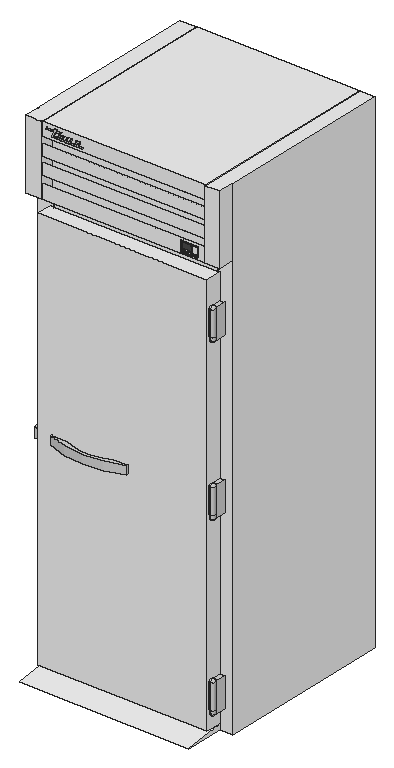
Revit family
Parameters
  Weight in Pounds = 0
  Watts = 2000 W
  Volts = 115 V
  URL Cutsheet = "www.truemfg.com"
  URL = "www.truemfg.com"
  Type Mark [instance] = ""
  Type Comments = ""
  Status [instance] = ""
  Specification by User [instance] = ""
  Specification by Manufacturer = ""
  Show Logo [instance] = yes
  Show Clearance [instance] = yes
  Serial Number = ""
  Seismic Rating = ""
  SMACNA No = ""
  Revision Code [instance] = ""
  Phase = 1
  Omniclass Number and Title = ""
  Number of Poles [instance] = 1
  NAFEM Spec ID Number = ""
  Model = "STR1HRI89-1S"
  Min Ckt Ampacity = 0 A
  Max Overcurrent Protection = 0 A
  Masterspec = ""
  Manufacturer = "TRUE FOOD SERVICE EQUIPMENT, INC."
  Length = 35"
  Item Number [instance] = ""
  Installed By [instance] = ""
  Identify Quantity as Lot [instance] = yes
  Height = 88 3/4"
  HP = ""
  Furnished By [instance] = ""
  Foodservice Equipment Identifier [instance] = yes
  FL Amps = Watts / Volts  # 17.3913 A
  Electrical Remarks [instance] = ""
  Electric Connection Type [instance] = ""
  Elec Conn RI Height [instance] = 0"
  Elec Conn Connection Height [instance] = 0"
  Description = "Reach-in Solid Swing Door Heated Cabinet"
  Depth = 34 3/4"
  Cycle = 60 Hz
  Conn Plug = "14-20P"
  Conn Conduit = yes
  CSI MasterFormat = ""
  CSI Master Format = ""
  Apparent Power = if(Phase = 3, Volts * FL Amps * 1.73, Volts * FL Amps)  # 2000 VA
Reference planes (in)
  plane 1 "BACK": y = 0
  plane 2: z = 0
  plane 3 "LEFT": x = 0
  plane 4 "RIGHT": x = 35
  plane 5 "FRONT": y = -34.75
  plane 6 "TOP": z = 88.75
  plane 7: x = 2.84375
  plane 8: y = -34.7042
  plane 9: x = 32.15625
  plane 10: z = 73.75
Forms (in)
  Extrusion 1, solid, material "QF_Finishes_Chrome - Satin"
    sketch origin (0.05, 0, 0) x (1, 0, 0) y (0, 1, 0)
      loop
        line (-0.05, 0) -> (-0.05, -32) -> (2.87859, -32) -> (2.87859, 0) -> (-0.05, 0)
    from 0 to 88.75
  Extrusion 2, solid, material "QF_Finishes_Chrome - Satin"
    sketch origin (50.15, 0, 0) x (1, 0, 0) y (0, 1, 0)
      loop
        line (-17.85, 0) -> (-17.85, -32) -> (-15.15, -32) -> (-15.15, 0) -> (-17.85, 0)
    from 0 to 88.75
  Extrusion 3, solid, material "QF_Finishes_Chrome - Satin"
    sketch origin (0, 0, 0) x (0, 1, 0) y (0, 0, 1)
      loop
        line (-34.7042, 76.28125) -> (-32, 76.28125) -> (-32, 0) -> (0, 0) -> (0, 88.75) -> (-34.7042, 88.75) -> (-34.7042, 86.40578) -> (-32.5, 84.83852) -> (-32.5, 83.71625) -> (-34.7042, 85.28351) -> (-34.7042, 83.1498) -> (-32.5, 81.58254) -> (-32.5, 80.62178) -> (-34.7042, 82.18904) -> (-34.7042, 80.09284) -> (-32.5, 78.52557) -> (-32.5, 77.25) -> (-34.7042, 78.81726) -> (-34.7042, 76.28125)
    from 2.92859 to 32.3
  Extrusion 4, solid, material "QF_Finishes_Chrome - Satin"
    sketch origin (0, 0, 0) x (1, 0, 0) y (0, 1, 0)
      loop
        line (34.84782, -32) -> (32.3, -32) -> (32.3, -34.75) -> (34.84782, -34.75) -> (34.84782, -32)
    from 76.28125 to 88.75
  Extrusion 5, solid, material "QF_Finishes_Chrome - Satin"
    sketch origin (-50.125, 0, 0.25) x (1, 0, 0) y (0, 1, 0)
      loop
        line (53.05359, -32) -> (50.24109, -32) -> (50.24109, -34.75) -> (53.05359, -34.75) -> (53.05359, -32)
    from 76.03125 to 88.5
  Extrusion 6, solid, material "QF_Finishes_Chrome - Satin"
    sketch origin (-24.96875, -1, -0.71875) x (1, 0, 0) y (0, 0, 1)
      loop
        line (27.25, 1.71875) -> (57.65625, 1.71875) -> (57.65625, 74.46875) -> (27.25, 74.46875) -> (27.25, 1.71875)
    from 31 to 33.75
  Extrusion 7, solid, material "QF_Finishes_Handrails and Railings"
    sketch origin (58.625, -0.25, 26.43519) x (1, 0, 0) y (0, 1, 0)
      loop
        line (-53.875, -34.5) -> (-53.875, -34.7)
        arc (-53.875, -34.7) -> (-47.075, -36.14405) -> (-40.275, -34.7) r 16.7325
        line (-40.275, -34.7) -> (-40.275, -34.5) -> (-42.675, -34.5)
        arc (-42.675, -34.5) -> (-47.075, -35.65816) -> (-51.475, -34.5) r 8.93715
        line (-51.475, -34.5) -> (-53.875, -34.5)
    from 10.87731 to 12.37731
  Extrusion 8, solid, material "QF_Finishes_Handrails and Railings"
    sketch origin (-23.375, 0, -2) x (1, 0, 0) y (0, 0, 1)
      loop
        circle (26.4375, 40.0625) r 0.35
      loop
        line (26.47265, 40.33635) -> (26.41715, 40.33635) -> (26.41715, 39.76895) -> (26.47265, 39.76895) -> (26.47265, 40.33635)
    from 33.5 to 33.83066
  Extrusion 9, solid, material "QF_Finishes_Handrails and Railings", visible <- "Show Logo"
    sketch origin (0.33478, 0.06376, 5.01857) x (1, 0, 0) y (0, 0, 1)
      loop
        line (3.46044, 83.08731) -> (3.35478, 82.86073) -> (4.76027, 82.86073)
        arc (4.76027, 82.86073) -> (4.78879, 82.81028) -> (4.76027, 82.75984) r 0.05887
        line (4.76027, 82.75984) -> (4.39369, 81.97372)
        arc (4.39369, 81.97372) -> (4.39051, 81.90091) -> (4.43975, 81.84717) r 0.09523
        line (4.43975, 81.84717) -> (5.33844, 81.84717)
        arc (5.33844, 81.84717) -> (5.45192, 81.88295) -> (5.52436, 81.97735) r 0.19785
        line (5.52436, 81.97735) -> (5.81285, 82.59601) -> (6.0779, 82.59601)
        arc (6.0779, 82.59601) -> (6.14744, 82.57043) -> (6.13737, 82.49703) r 0.05911
        line (6.13737, 82.49703) -> (5.89598, 81.97937)
        arc (5.89598, 81.97937) -> (5.89974, 81.8934) -> (5.97231, 81.84717) r 0.09318
        line (5.97231, 81.84717) -> (6.76198, 81.84717)
        arc (6.76198, 81.84717) -> (6.82249, 81.86919) -> (6.85468, 81.92495) r 0.09412
        arc (6.85468, 81.92495) -> (6.87746, 81.86995) -> (6.93246, 81.84717) r 0.07778
        line (6.93246, 81.84717) -> (7.43246, 81.84717)
        arc (7.43246, 81.84717) -> (7.49022, 81.86265) -> (7.53251, 81.90493) r 0.11552
        arc (7.53251, 81.90493) -> (7.55275, 81.85606) -> (7.60162, 81.83581) r 0.06912
        line (7.60162, 81.83581) -> (8.31225, 81.83581)
        arc (8.31225, 81.83581) -> (8.37034, 81.85988) -> (8.39441, 81.91797) r 0.08216
        arc (8.39441, 81.91797) -> (8.44767, 81.86472) -> (8.52042, 81.84522) r 0.14551
        line (8.52042, 81.84522) -> (9.85158, 81.84522) -> (9.99946, 82.10134) -> (8.65678, 82.10134)
        arc (8.65678, 82.10134) -> (8.61972, 82.12704) -> (8.61834, 82.17211) r 0.05009
        line (8.61834, 82.17211) -> (8.64157, 82.22192)
        arc (8.64157, 82.22192) -> (8.67723, 82.26864) -> (8.73327, 82.28635) r 0.09747
        line (8.73327, 82.28635) -> (9.16485, 82.28635)
        arc (9.16485, 82.28635) -> (9.258, 82.31131) -> (9.32619, 82.3795) r 0.1863
        line (9.32619, 82.3795) -> (9.45119, 82.59601)
        arc (9.45119, 82.59601) -> (9.45119, 82.71157) -> (9.35111, 82.76934) r 0.11556
        line (9.35111, 82.76934) -> (8.89562, 82.76934)
        arc (8.89562, 82.76934) -> (8.7795, 82.74962) -> (8.69849, 82.66412) r 0.18605
        line (8.69849, 82.66412) -> (8.48204, 82.19993)
        arc (8.48204, 82.19993) -> (8.41815, 82.11667) -> (8.31806, 82.08511) r 0.1745
        line (8.31806, 82.08511) -> (7.84559, 82.08511)
        arc (7.84559, 82.08511) -> (7.78903, 82.14684) -> (7.79268, 82.23048) r 0.10939
        line (7.79268, 82.23048) -> (8.04395, 82.76934) -> (7.88403, 82.76934) -> (7.61781, 82.19844)
        arc (7.61781, 82.19844) -> (7.56609, 82.13103) -> (7.48505, 82.10548) r 0.14128
        line (7.48505, 82.10548) -> (7.15925, 82.10548)
        arc (7.15925, 82.10548) -> (7.10419, 82.17723) -> (7.116, 82.26689) r 0.11816
        line (7.116, 82.26689) -> (7.3503, 82.76934) -> (7.18514, 82.76934) -> (6.91546, 82.191)
        arc (6.91546, 82.191) -> (6.85285, 82.12839) -> (6.76733, 82.10548) r 0.17104
        line (6.76733, 82.10548) -> (6.29555, 82.10548)
        arc (6.29555, 82.10548) -> (6.21082, 82.14499) -> (6.20267, 82.23813) r 0.0935
        line (6.20267, 82.23813) -> (6.35774, 82.57069) -> (6.57695, 82.57069)
        arc (6.57695, 82.57069) -> (6.61395, 82.68217) -> (6.69267, 82.76934) r 0.2857
        line (6.69267, 82.76934) -> (5.83605, 82.76934)
        arc (5.83605, 82.76934) -> (5.74086, 82.74824) -> (5.67498, 82.67635) r 0.16212
        line (5.67498, 82.67635) -> (5.44279, 82.17841)
        arc (5.44279, 82.17841) -> (5.3894, 82.12502) -> (5.31647, 82.10548) r 0.14586
        line (5.31647, 82.10548) -> (4.80506, 82.10548)
        arc (4.80506, 82.10548) -> (4.76514, 82.15942) -> (4.77274, 82.22609) r 0.09155
        line (4.77274, 82.22609) -> (5.11018, 82.86073) -> (5.96155, 82.86073) -> (6.06721, 83.08731) -> (5.21584, 83.08731) -> (5.32149, 83.31388) -> (5.01862, 83.31388) -> (4.91297, 83.08731) -> (3.46044, 83.08731)
      loop
        arc (8.83805, 82.56363) -> (8.80119, 82.55375) -> (8.7742, 82.52676) r 0.07373
        line (8.7742, 82.52676) -> (8.75229, 82.45936)
        arc (8.75229, 82.45936) -> (8.76245, 82.43483) -> (8.78699, 82.42466) r 0.0347
        line (8.78699, 82.42466) -> (9.15948, 82.42466)
        arc (9.15948, 82.42466) -> (9.18632, 82.43061) -> (9.20812, 82.44734) r 0.0635
        line (9.20812, 82.44734) -> (9.22624, 82.53122)
        arc (9.22624, 82.53122) -> (9.22091, 82.55368) -> (9.20009, 82.56363) r 0.02676
        line (9.20009, 82.56363) -> (8.83805, 82.56363)
    from 34.76797 to 34.83173
  Extrusion 10, solid, material "QF_Finishes_White"
    sketch origin (-22.74812, 0.0458, -7.98362) x (1, 0, 0) y (0, 0, 1)
      loop
        line (50.81732, 86.35727) -> (50.81732, 84.60996) -> (53.72357, 84.60996) -> (53.72357, 86.35727) -> (50.81732, 86.35727)
    from 34.75 to 34.76797
  Extrusion 11, solid, material "QF_Finishes_Black"
    sketch origin (-22.74812, 0.0458, -7.98362) x (1, 0, 0) y (0, 0, 1)
      loop
        line (53.78607, 86.41977) -> (50.75482, 86.41977) -> (50.75482, 84.54746) -> (53.78607, 84.54746) -> (53.78607, 86.41977)
      loop
        spline (50.95482, 84.87872) -> (50.96333, 84.86254) -> (50.98831, 84.84747) -> (51.02804, 84.83452) -> (51.07982, 84.82459) -> (51.14011, 84.81835) -> (51.20482, 84.81622) -> (51.26952, 84.81835) -> (51.32982, 84.82459) -> (51.38159, 84.83452) -> (51.42132, 84.84747) -> (51.4463, 84.86254) -> (51.45482, 84.87872)
        spline (51.45482, 84.87872) -> (51.4463, 84.89489) -> (51.42132, 84.90997) -> (51.38159, 84.92291) -> (51.32982, 84.93284) -> (51.26952, 84.93909) -> (51.20482, 84.94122) -> (51.14011, 84.93909) -> (51.07982, 84.93284) -> (51.02804, 84.92291) -> (50.98831, 84.90997) -> (50.96333, 84.89489) -> (50.95482, 84.87872)
      loop
        spline (51.65083, 84.87872) -> (51.65935, 84.86254) -> (51.68432, 84.84747) -> (51.72405, 84.83452) -> (51.77583, 84.82459) -> (51.83612, 84.81835) -> (51.90083, 84.81622) -> (51.96553, 84.81835) -> (52.02583, 84.82459) -> (52.07761, 84.83452) -> (52.11734, 84.84747) -> (52.14231, 84.86254) -> (52.15083, 84.87872)
        spline (52.15083, 84.87872) -> (52.14231, 84.89489) -> (52.11734, 84.90997) -> (52.07761, 84.92291) -> (52.02583, 84.93284) -> (51.96553, 84.93909) -> (51.90083, 84.94122) -> (51.83612, 84.93909) -> (51.77583, 84.93284) -> (51.72405, 84.92291) -> (51.68432, 84.90997) -> (51.65935, 84.89489) -> (51.65083, 84.87872)
      loop
        spline (52.40083, 84.87872) -> (52.40935, 84.86254) -> (52.43432, 84.84747) -> (52.47405, 84.83452) -> (52.52583, 84.82459) -> (52.58612, 84.81835) -> (52.65083, 84.81622) -> (52.71553, 84.81835) -> (52.77583, 84.82459) -> (52.82761, 84.83452) -> (52.86734, 84.84747) -> (52.89231, 84.86254) -> (52.90083, 84.87872)
        spline (52.90083, 84.87872) -> (52.89231, 84.89489) -> (52.86734, 84.90997) -> (52.82761, 84.92291) -> (52.77583, 84.93284) -> (52.71553, 84.93909) -> (52.65083, 84.94122) -> (52.58612, 84.93909) -> (52.52583, 84.93284) -> (52.47405, 84.92291) -> (52.43432, 84.90997) -> (52.40935, 84.89489) -> (52.40083, 84.87872)
      loop
        line (50.95481, 86.21978) -> (50.95481, 85.21978) -> (52.65433, 85.21978) -> (52.65433, 86.21978) -> (50.95481, 86.21978)
      loop
        line (53.72357, 86.35727) -> (50.81732, 86.35727) -> (50.81732, 84.60996) -> (53.72357, 84.60996) -> (53.72357, 86.35727)
      loop
        spline (53.15083, 84.87872) -> (53.15935, 84.86254) -> (53.18432, 84.84747) -> (53.22405, 84.83452) -> (53.27583, 84.82459) -> (53.33612, 84.81835) -> (53.40083, 84.81622) -> (53.46553, 84.81835) -> (53.52583, 84.82459) -> (53.57761, 84.83452) -> (53.61734, 84.84747) -> (53.64231, 84.86254) -> (53.65083, 84.87872)
        spline (53.65083, 84.87872) -> (53.64231, 84.89489) -> (53.61734, 84.90997) -> (53.57761, 84.92291) -> (53.52583, 84.93284) -> (53.46553, 84.93909) -> (53.40083, 84.94122) -> (53.33612, 84.93909) -> (53.27583, 84.93284) -> (53.22405, 84.92291) -> (53.18432, 84.90997) -> (53.15935, 84.89489) -> (53.15083, 84.87872)
    from 34.76797 to 34.80335
  Extrusion 12, solid
    sketch origin (-25.125, 0, 0) x (1, 0, 0) y (0, 0, 1)
      loop
        circle (56.875, 86.625) r 0.25
    from 0 to 0.0625
  Blend 13, solid, material "QF_Finishes_Handrails and Railings"
    base sketch origin (27.53125, -1, 0) x (-1, 0, 0) y (0, 0, -1)
      loop
        line (25.25, -38.99169) -> (26, -38.99169) -> (26, -37.24169) -> (25.25, -37.24169) -> (25.25, -38.99169)
    top sketch origin (27.53125, 0, 0) x (-1, 0, 0) y (0, 0, -1)
      loop
        line (26.18223, -36.6441) -> (25.25, -36.6441) -> (25.25, -39.42643) -> (26.18223, -39.42643) -> (26.18223, -36.6441)
    from 33.57883 to 32
  Extrusion 14, solid, material "QF_Finishes_Handrails and Railings"
    sketch origin (33.78125, 0, 0) x (0, 1, 0) y (0, 0, -1)
      loop
        line (-32, -69.17729) -> (-32, -63.86127) -> (-34.25, -63.86127) -> (-34.25, -64.57348) -> (-33.81497, -64.57348) -> (-33.81497, -68.97276)
        arc (-33.81497, -68.97276) -> (-33.75506, -69.11738) -> (-33.61044, -69.17729) r 0.20453
        line (-33.61044, -69.17729) -> (-32, -69.17729)
    from 0.17506 to 1
  Revolve 15, solid, material "QF_Finishes_Handrails and Railings"
    sketch origin (33.28125, 0, 0) x (0, 1, 0) y (0, 0, -1)
      loop
        line (-34.26563, -64.62689) -> (-34.67229, -64.62689) -> (-34.67229, -69.0986)
        arc (-34.67229, -69.0986) -> (-34.53722, -69.35057) -> (-34.26563, -69.43983) r 0.3848
        line (-34.26563, -69.43983) -> (-34.26563, -64.62689)
      loop
        line (-34.26563, -64.57348) -> (-34.26563, -63.67281)
        arc (-34.26563, -63.67281) -> (-34.53264, -63.75883) -> (-34.67229, -64.00212) r 0.38884
        line (-34.67229, -64.00212) -> (-34.67229, -64.57348) -> (-34.26563, -64.57348)
      axis (-34.26563, -63.67281) -> (-34.26563, -69.43983)
    angle from 0 to 360
  Extrusion 16, solid, material "QF_Finishes_Handrails and Railings"
    sketch origin (27.5, -1.07734, 0.0011) x (-1, 0, 0) y (0, 0, -1)
      loop
        line (-5.58509, -69.0986) -> (-5.1875, -69.0986) -> (-5.1875, -64.62579) -> (-5.58509, -64.62579) -> (-5.58509, -69.0986)
    from 32.81497 to 33.59495
  Extrusion 17, solid, material "QF_Finishes_Handrails and Railings"
    sketch origin (33.78125, 0, -24) x (0, 1, 0) y (0, 0, -1)
      loop
        line (-32, -64.55229) -> (-32, -59.23627) -> (-34.25, -59.23627) -> (-34.25, -59.94848) -> (-33.81497, -59.94848) -> (-33.81497, -64.34776)
        arc (-33.81497, -64.34776) -> (-33.75506, -64.49238) -> (-33.61044, -64.55229) r 0.20453
        line (-33.61044, -64.55229) -> (-32, -64.55229)
    from 0.17506 to 1
  Revolve 18, solid, material "QF_Finishes_Handrails and Railings"
    sketch origin (33.28125, 0, -24) x (0, 1, 0) y (0, 0, -1)
      loop
        line (-34.26563, -60.00189) -> (-34.67229, -60.00189) -> (-34.67229, -64.4736)
        arc (-34.67229, -64.4736) -> (-34.53722, -64.72557) -> (-34.26563, -64.81483) r 0.3848
        line (-34.26563, -64.81483) -> (-34.26563, -60.00189)
      loop
        line (-34.26563, -59.94848) -> (-34.26563, -59.04781)
        arc (-34.26563, -59.04781) -> (-34.53264, -59.13383) -> (-34.67229, -59.37712) r 0.38884
        line (-34.67229, -59.37712) -> (-34.67229, -59.94848) -> (-34.26563, -59.94848)
      axis (-34.26563, -59.04781) -> (-34.26563, -64.81483)
    angle from 0 to 360
  Extrusion 19, solid, material "QF_Finishes_Handrails and Railings"
    sketch origin (27.5, -1.07734, -23.9989) x (-1, 0, 0) y (0, 0, -1)
      loop
        line (-5.58509, -64.4736) -> (-5.1875, -64.4736) -> (-5.1875, -60.00079) -> (-5.58509, -60.00079) -> (-5.58509, -64.4736)
    from 32.81497 to 33.59495
  Extrusion 20, solid, material "QF_Finishes_Handrails and Railings"
    sketch origin (33.78125, 0, -55.5) x (0, 1, 0) y (0, 0, -1)
      loop
        line (-32, -64.55229) -> (-32, -59.23627) -> (-34.25, -59.23627) -> (-34.25, -59.94848) -> (-33.81497, -59.94848) -> (-33.81497, -64.34776)
        arc (-33.81497, -64.34776) -> (-33.75506, -64.49238) -> (-33.61044, -64.55229) r 0.20453
        line (-33.61044, -64.55229) -> (-32, -64.55229)
    from 0.17506 to 1
  Revolve 21, solid, material "QF_Finishes_Handrails and Railings"
    sketch origin (33.28125, 0, -55.5) x (0, 1, 0) y (0, 0, -1)
      loop
        line (-34.26563, -60.00189) -> (-34.67229, -60.00189) -> (-34.67229, -64.4736)
        arc (-34.67229, -64.4736) -> (-34.53722, -64.72557) -> (-34.26563, -64.81483) r 0.3848
        line (-34.26563, -64.81483) -> (-34.26563, -60.00189)
      loop
        line (-34.26563, -59.94848) -> (-34.26563, -59.04781)
        arc (-34.26563, -59.04781) -> (-34.53264, -59.13383) -> (-34.67229, -59.37712) r 0.38884
        line (-34.67229, -59.37712) -> (-34.67229, -59.94848) -> (-34.26563, -59.94848)
      axis (-34.26563, -59.04781) -> (-34.26563, -64.81483)
    angle from 0 to 360
  Extrusion 22, solid, material "QF_Finishes_Handrails and Railings"
    sketch origin (27.5, -1.07734, -55.4989) x (-1, 0, 0) y (0, 0, -1)
      loop
        line (-5.58509, -64.4736) -> (-5.1875, -64.4736) -> (-5.1875, -60.00079) -> (-5.58509, -60.00079) -> (-5.58509, -64.4736)
    from 32.81497 to 33.59495
  Extrusion 23, solid, material "QF_Finishes_Door Clearance", visible <- "Show Clearance", detail levels coarse
    sketch origin (26.42841, -3.6098, 0) x (1, 0, 0) y (0, 1, 0)
      loop
        line (6.32159, -31.1402) -> (-24.14716, -31.1402)
        arc (-24.14716, -31.1402) -> (-15.22307, -52.68486) -> (6.32159, -61.60895) r 30.46875
        line (6.32159, -61.60895) -> (6.32159, -31.1402)
    from 1 to 73.75
  Extrusion 24, solid, material "QF_Finishes_Chrome - Satin"
    sketch origin (32.6875, -1, 1) x (0, 0, 1) y (0, -1, 0)
      loop
        line (-1, 37.875) -> (-1, 31) -> (0, 31) -> (-1, 37.875)
    from 0 to -30.40625
Cuts and joins
  joined: Extrusion 1, Extrusion 2, Extrusion 4, Extrusion 5
Lines and regions (in)
  symbolic lines
    curve 1: line (0, 0, 0) -> (35, 0, 0)
    curve 2: line (0, -34.75, 0) -> (0, 0, 0)
    curve 3: line (35, -34.75, 0) -> (0, -34.75, 0)
    curve 4: line (35, 0, 0) -> (35, -34.75, 0)
    curve 5: line (35, -32.5, 0) -> (0, -32.5, 0)
    curve 6: arc (15.95746, -34.75, 0) -> (11.55746, -35.90816, 0) -> (7.15746, -34.75, 0) r 8.93715
    curve 7: arc (4.75746, -34.95, 0) -> (11.55746, -36.39405, 0) -> (18.35746, -34.95, 0) r 16.7325
    curve 8: line (4.75746, -34.75, 0) -> (4.75746, -34.95, 0)
    curve 9: line (18.35746, -34.95, 0) -> (18.35746, -34.75, 0)
  symbolic lines, style "QF-Door Swings", visible <- "Show Clearance", detail levels coarse
    curve 10: line (32.75, -34.75, 0) -> (32.75, -65.21875, 0)
    curve 11: arc (32.75, -65.21875, 0) -> (11.20534, -56.29466, 0) -> (2.28125, -34.75, 0) r 30.46875
Dimensions and locks (in)
  "Depth": plane 5 "FRONT" to plane 1 "BACK"
  "Height": plane 6 "TOP" to level
  Extrusion 6 sketch curve to Extrusion 6 sketch curve = 30 13/32"
  Extrusion 6 to plane 1 "BACK" = 34 3/4"
  "Length": plane 3 "LEFT" to plane 4 "RIGHT"
  plane 4 "RIGHT" to plane 3 "LEFT" = 35"
  plane 10 to level = 73 3/4"
  aligned and locked: level to plane 2
  aligned and locked: plane 6 "TOP" to cut or joined group of Extrusion 1, Extrusion 2, Extrusion 4, Extrusion 5
Automatic sketch dimensions
  Extrusion 1 sketch curve to plane 3 "LEFT" = 0"
  plane 1 "BACK" to Extrusion 1 sketch curve = 0"
  Extrusion 1 sketch curve to Extrusion 1 sketch curve = 2.92859"
  Extrusion 1 sketch curve to plane 5 "FRONT" = 2 3/4"
  plane 1 "BACK" to Extrusion 2 sketch curve = 0"
  Extrusion 2 sketch curve to plane 4 "RIGHT" = 0"
  Extrusion 2 sketch curve to plane 5 "FRONT" = 2 3/4"
  plane 5 "FRONT" to Extrusion 4 sketch curve = 0"
  Extrusion 4 sketch curve to plane 4 "RIGHT" = 0.15218"
  Extrusion 4 sketch curve to plane 5 "FRONT" = 2 3/4"
  plane 5 "FRONT" to Extrusion 5 sketch curve = 0"
  plane 3 "LEFT" to Extrusion 5 sketch curve = 0.11609"
  Extrusion 5 sketch curve to Extrusion 5 sketch curve = 2 13/16"
  Extrusion 5 sketch curve to plane 5 "FRONT" = 2 3/4"
  plane 5 "FRONT" to Extrusion 7 sketch curve = 0"  (x2)
  Extrusion 7 sketch curve to Extrusion 7 sketch curve = 2.4"  (x2)
  Extrusion 7 sketch curve to Extrusion 7 sketch curve = 4.4"
  Extrusion 7 sketch curve to Extrusion 7 sketch curve = 0"
  Extrusion 7 sketch curve to Extrusion 7 sketch curve = 0.2"
  Extrusion 7 sketch curve to plane 5 "FRONT" = 7.77899"
  Extrusion 7 sketch curve to Extrusion 7 sketch curve = 7.30945"
  Extrusion 8 sketch curve to Extrusion 8 sketch curve = 0.02035"
  Extrusion 8 sketch curve to Extrusion 8 sketch curve = 0.0555"
  Extrusion 8 sketch curve to Extrusion 8 sketch curve = 0.29355"
  Extrusion 8 sketch curve to Extrusion 8 sketch curve = 0.27385"
  plane 3 "LEFT" to Extrusion 9 sketch curve = 3.68957"
  Extrusion 9 sketch curve to Extrusion 9 sketch curve = 0.10565"  (x5)
  Extrusion 9 sketch curve to Extrusion 9 sketch curve = 1.03891"
  Extrusion 9 sketch curve to Extrusion 9 sketch curve = 0.04606"
  Extrusion 9 sketch curve to Extrusion 9 sketch curve = 0.04025"
  Extrusion 9 sketch curve to Extrusion 9 sketch curve = 0.33624"
  Extrusion 9 sketch curve to Extrusion 9 sketch curve = 0.03034"  (x2)
  Extrusion 9 sketch curve to Extrusion 9 sketch curve = 0.29274"
  Extrusion 9 sketch curve to Extrusion 9 sketch curve = 0.03232"
  Extrusion 9 sketch curve to Extrusion 9 sketch curve = 0.08083"
  Extrusion 9 sketch curve to Extrusion 9 sketch curve = 0.1527"
  Extrusion 9 sketch curve to Extrusion 9 sketch curve = 0.19721"
  Extrusion 9 sketch curve to Extrusion 9 sketch curve = 0.4629"
  Extrusion 9 sketch curve to Extrusion 9 sketch curve = 0.02197"
  Extrusion 9 sketch curve to Extrusion 9 sketch curve = 0.12632"
  Extrusion 9 sketch curve to Extrusion 9 sketch curve = 0.18591"
  Extrusion 9 sketch curve to Extrusion 9 sketch curve = 0.2322"
  Extrusion 9 sketch curve to Extrusion 9 sketch curve = 0.13786"
  Extrusion 9 sketch curve to Extrusion 9 sketch curve = 0.00907"
  Extrusion 9 sketch curve to Extrusion 9 sketch curve = 0.01413"
  Extrusion 9 sketch curve to Extrusion 9 sketch curve = 0.37162"
  Extrusion 9 sketch curve to Extrusion 9 sketch curve = 0.12551"
  Extrusion 9 sketch curve to Extrusion 9 sketch curve = 0.07633"
  Extrusion 9 sketch curve to Extrusion 9 sketch curve = 0.08445"
  Extrusion 9 sketch curve to Extrusion 9 sketch curve = 0.25598"
  Extrusion 9 sketch curve to Extrusion 9 sketch curve = 0.01887"
  Extrusion 9 sketch curve to Extrusion 9 sketch curve = 0.04061"
  Extrusion 9 sketch curve to Extrusion 9 sketch curve = 0.0653"
  Extrusion 9 sketch curve to Extrusion 9 sketch curve = 0.08474"
  Extrusion 9 sketch curve to Extrusion 9 sketch curve = 0.00815"
  Extrusion 9 sketch curve to Extrusion 9 sketch curve = 0.22037"
  Extrusion 9 sketch curve to Extrusion 9 sketch curve = 0.21921"
  Extrusion 9 sketch curve to Extrusion 9 sketch curve = 0.11572"
  Extrusion 9 sketch curve to Extrusion 9 sketch curve = 0.46643"
  Extrusion 9 sketch curve to Extrusion 9 sketch curve = 0.00535"
  Extrusion 9 sketch curve to Extrusion 9 sketch curve = 0.09269"
  Extrusion 9 sketch curve to Extrusion 9 sketch curve = 0.09348"
  Extrusion 9 sketch curve to Extrusion 9 sketch curve = 0.14812"
  Extrusion 9 sketch curve to Extrusion 9 sketch curve = 0.07778"  (x3)
  Extrusion 9 sketch curve to Extrusion 9 sketch curve = 0.20054"
  Extrusion 9 sketch curve to Extrusion 9 sketch curve = 0.04325"
  Extrusion 9 sketch curve to Extrusion 9 sketch curve = 0.32433"
  Extrusion 9 sketch curve to Extrusion 9 sketch curve = 0.10233"  (x2)
  Extrusion 9 sketch curve to Extrusion 9 sketch curve = 0.16515"
  Extrusion 9 sketch curve to Extrusion 9 sketch curve = 0.27321"
  Extrusion 9 sketch curve to Extrusion 9 sketch curve = 0.0526"
  Extrusion 9 sketch curve to Extrusion 9 sketch curve = 0.10005"
  Extrusion 9 sketch curve to Extrusion 9 sketch curve = 0.06912"
  Extrusion 9 sketch curve to Extrusion 9 sketch curve = 0.13276"
  Extrusion 9 sketch curve to Extrusion 9 sketch curve = 0.17486"
  Extrusion 9 sketch curve to Extrusion 9 sketch curve = 0.05291"
  Extrusion 9 sketch curve to Extrusion 9 sketch curve = 0.53374"
  Extrusion 9 sketch curve to Extrusion 9 sketch curve = 0.09914"  (x2)
  Extrusion 9 sketch curve to Extrusion 9 sketch curve = 0.15992"
  Extrusion 9 sketch curve to Extrusion 9 sketch curve = 0.46666"
  Extrusion 9 sketch curve to Extrusion 9 sketch curve = 0.00582"
  Extrusion 9 sketch curve to Extrusion 9 sketch curve = 0.08216"
  Extrusion 9 sketch curve to Extrusion 9 sketch curve = 0.16397"
  Extrusion 9 sketch curve to Extrusion 9 sketch curve = 0.12601"
  Extrusion 9 sketch curve to Extrusion 9 sketch curve = 0.1363"
  Extrusion 9 sketch curve to Extrusion 9 sketch curve = 0.02323"
  Extrusion 9 sketch curve to Extrusion 9 sketch curve = 0.03844"
  Extrusion 9 sketch curve to Extrusion 9 sketch curve = 0.0454"
  Extrusion 9 sketch curve to Extrusion 9 sketch curve = 0.05693"
  Extrusion 9 sketch curve to Extrusion 9 sketch curve = 0.0917"
  Extrusion 9 sketch curve to Extrusion 9 sketch curve = 0.01902"
  Extrusion 9 sketch curve to Extrusion 9 sketch curve = 0.02191"
  Extrusion 9 sketch curve to Extrusion 9 sketch curve = 0.0347"
  Extrusion 9 sketch curve to Extrusion 9 sketch curve = 0.06385"
  Extrusion 9 sketch curve to Extrusion 9 sketch curve = 0.02906"
  Extrusion 9 sketch curve to Extrusion 9 sketch curve = 0.02851"
  Extrusion 9 sketch curve to Extrusion 9 sketch curve = 0.29237"
  Extrusion 9 sketch curve to Extrusion 9 sketch curve = 0.00537"
  Extrusion 9 sketch curve to Extrusion 9 sketch curve = 0.0406"
  Extrusion 9 sketch curve to Extrusion 9 sketch curve = 0.04327"
  Extrusion 9 sketch curve to Extrusion 9 sketch curve = 0.02615"
  Extrusion 9 sketch curve to Extrusion 9 sketch curve = 0.11806"
  Extrusion 9 sketch curve to Extrusion 9 sketch curve = 0.15103"
  Extrusion 9 sketch curve to Extrusion 9 sketch curve = 0.10007"
  Extrusion 9 sketch curve to Extrusion 9 sketch curve = 0.5254"
  Extrusion 9 sketch curve to Extrusion 9 sketch curve = 0.14787"
  Extrusion 9 sketch curve to plane 6 "TOP" = 1.89562"
  Extrusion 9 sketch curve to Extrusion 9 sketch curve = 0.07275"
  Extrusion 9 sketch curve to Extrusion 9 sketch curve = 0.05776"
  Extrusion 9 sketch curve to Extrusion 9 sketch curve = 0.08631"
  Extrusion 9 sketch curve to Extrusion 9 sketch curve = 0.09282"
  Extrusion 9 sketch curve to Extrusion 9 sketch curve = 0.13018"
  Extrusion 9 sketch curve to Extrusion 9 sketch curve = 0.16714"
  Extrusion 9 sketch curve to Extrusion 9 sketch curve = 0.11061"
  Extrusion 9 sketch curve to Extrusion 9 sketch curve = 0.06046"
  Extrusion 9 sketch curve to Extrusion 9 sketch curve = 0.16548"
  Extrusion 9 sketch curve to Extrusion 9 sketch curve = 0.14279"
  Extrusion 9 sketch curve to Extrusion 9 sketch curve = 0.0496"
  Extrusion 9 sketch curve to Extrusion 9 sketch curve = 0.07293"
  Extrusion 9 sketch curve to Extrusion 9 sketch curve = 0.07764"
  Extrusion 9 sketch curve to Extrusion 9 sketch curve = 0.03794"
  Extrusion 9 sketch curve to Extrusion 9 sketch curve = 0.08552"
  Extrusion 9 sketch curve to Extrusion 9 sketch curve = 0.09296"
  Extrusion 9 sketch curve to Extrusion 9 sketch curve = 0.09314"
  Extrusion 9 sketch curve to Extrusion 9 sketch curve = 0.02781"
  Extrusion 9 sketch curve to Extrusion 9 sketch curve = 0.04981"
  Extrusion 9 sketch curve to Extrusion 9 sketch curve = 0.09315"
  Extrusion 9 sketch curve to Extrusion 9 sketch curve = 0.04799"
  Extrusion 9 sketch curve to Extrusion 9 sketch curve = 0.02531"
  Extrusion 9 sketch curve to Extrusion 9 sketch curve = 0.03054"
  Extrusion 9 sketch curve to Extrusion 9 sketch curve = 0.2589"
  Extrusion 9 sketch curve to Extrusion 9 sketch curve = 0.0674"
  Extrusion 9 sketch curve to Extrusion 9 sketch curve = 0.0324"
  Extrusion 9 sketch curve to Extrusion 9 sketch curve = 0.26185"
  Extrusion 9 sketch curve to Extrusion 9 sketch curve = 11/256"
  Extrusion 9 sketch curve to Extrusion 9 sketch curve = 0.07366"
  Extrusion 9 sketch curve to Extrusion 9 sketch curve = 0.02187"
  Extrusion 9 sketch curve to Extrusion 9 sketch curve = 0.06479"
  Extrusion 9 sketch curve to Extrusion 9 sketch curve = 0.01183"
  Extrusion 9 sketch curve to Extrusion 9 sketch curve = 0.05778"
  Extrusion 9 sketch curve to Extrusion 9 sketch curve = 0.53375"
  Extrusion 9 sketch curve to Extrusion 9 sketch curve = 0.23098"
  Extrusion 9 sketch curve to Extrusion 9 sketch curve = 0"
  Extrusion 9 sketch curve to Extrusion 9 sketch curve = 0.05045"
  Extrusion 9 sketch curve to Extrusion 9 sketch curve = 0.09139"
  Extrusion 9 sketch curve to Extrusion 9 sketch curve = 29/128"  (x3)
  Extrusion 12 sketch curve to plane 6 "TOP" = 2 1/8"
  Blend 13 sketch curve to Blend 13 sketch curve = 1 3/4"
  Blend 13 sketch curve to Blend 13 sketch curve = 2.78233"
  Extrusion 14 sketch curve to plane 5 "FRONT" = 1/2"
  Extrusion 14 sketch curve to Extrusion 14 sketch curve = 0.43503"
  Extrusion 14 sketch curve to Extrusion 14 sketch curve = 0.20453"
  Extrusion 14 sketch curve to Extrusion 14 sketch curve = 1.61044"
  Extrusion 14 sketch curve to plane 6 "TOP" = 19.57271"
  Extrusion 14 sketch curve to Extrusion 14 sketch curve = 4.39928"
  Extrusion 14 sketch curve to Extrusion 14 sketch curve = 0.71221"
  Revolve 15 sketch curve to plane 5 "FRONT" = 0.07771"  (x2)
  Revolve 15 sketch curve to Revolve 15 sketch curve = 0.38242"
  Revolve 15 sketch curve to Revolve 15 sketch curve = 0.38436"
  Revolve 15 sketch curve to plane 5 "FRONT" = 31/64"
  Revolve 15 sketch curve to Revolve 15 sketch curve = 0.40666"
  Revolve 15 sketch curve to Revolve 15 sketch curve = 0"
  Revolve 15 sketch curve to plane 6 "TOP" = 18.75492"
  Revolve 15 sketch curve to Revolve 15 sketch curve = 0.55526"
  Revolve 15 sketch curve to Revolve 15 sketch curve = 0.19474"
  Revolve 15 sketch curve to Revolve 15 sketch curve = 0.14649"
  Revolve 15 sketch curve to Revolve 15 sketch curve = 4.42889"
  Revolve 15 sketch curve to Revolve 15 sketch curve = 0.05342"
  Revolve 15 sketch curve to Revolve 15 sketch curve = 0.51246"
  Revolve 15 sketch curve to Revolve 15 sketch curve = 0.05889"
  Extrusion 16 sketch curve to Extrusion 16 sketch curve = 0.39759"
  Extrusion 16 sketch curve to plane 6 "TOP" = 19.6503"
  Extrusion 16 sketch curve to Extrusion 16 sketch curve = 4.47281"
  Extrusion 17 sketch curve to plane 5 "FRONT" = 1/2"
  Extrusion 17 sketch curve to Extrusion 17 sketch curve = 0.43503"
  Extrusion 17 sketch curve to Extrusion 17 sketch curve = 0.20453"
  Extrusion 17 sketch curve to Extrusion 17 sketch curve = 1.61044"
  Extrusion 17 sketch curve to Extrusion 17 sketch curve = 4.39928"
  Extrusion 17 sketch curve to Extrusion 17 sketch curve = 0.71221"
  Revolve 18 sketch curve to plane 5 "FRONT" = 0.07771"  (x2)
  Revolve 18 sketch curve to Revolve 18 sketch curve = 0.38242"
  Revolve 18 sketch curve to Revolve 18 sketch curve = 0.38436"
  Revolve 18 sketch curve to plane 5 "FRONT" = 31/64"
  Revolve 18 sketch curve to Revolve 18 sketch curve = 0.40666"
  Revolve 18 sketch curve to Revolve 18 sketch curve = 0"
  Revolve 18 sketch curve to Revolve 18 sketch curve = 0.55526"
  Revolve 18 sketch curve to Revolve 18 sketch curve = 0.19474"
  Revolve 18 sketch curve to Revolve 18 sketch curve = 0.14649"
  Revolve 18 sketch curve to Revolve 18 sketch curve = 4.42889"
  Revolve 18 sketch curve to Revolve 18 sketch curve = 0.05342"
  Revolve 18 sketch curve to Revolve 18 sketch curve = 0.51246"
  Revolve 18 sketch curve to Revolve 18 sketch curve = 0.05889"
  Extrusion 19 sketch curve to Extrusion 19 sketch curve = 0.39759"
  Extrusion 19 sketch curve to Extrusion 19 sketch curve = 4.47281"
  Extrusion 20 sketch curve to plane 5 "FRONT" = 1/2"
  Extrusion 20 sketch curve to Extrusion 20 sketch curve = 0.43503"
  Extrusion 20 sketch curve to Extrusion 20 sketch curve = 0.20453"
  Extrusion 20 sketch curve to Extrusion 20 sketch curve = 1.61044"
  Extrusion 20 sketch curve to Extrusion 20 sketch curve = 0.71221"
  Revolve 21 sketch curve to plane 5 "FRONT" = 0.07771"  (x2)
  Revolve 21 sketch curve to Revolve 21 sketch curve = 0.38242"
  Revolve 21 sketch curve to Revolve 21 sketch curve = 0.38436"
  Revolve 21 sketch curve to plane 5 "FRONT" = 31/64"
  Revolve 21 sketch curve to Revolve 21 sketch curve = 0.40666"
  Revolve 21 sketch curve to Revolve 21 sketch curve = 0"
  Revolve 21 sketch curve to Revolve 21 sketch curve = 0.55526"
  Revolve 21 sketch curve to Revolve 21 sketch curve = 0.19474"
  Revolve 21 sketch curve to Revolve 21 sketch curve = 0.14649"
  Revolve 21 sketch curve to Revolve 21 sketch curve = 0.05342"
  Revolve 21 sketch curve to Revolve 21 sketch curve = 0.51246"
  Revolve 21 sketch curve to Revolve 21 sketch curve = 0.05889"
  Extrusion 22 sketch curve to Extrusion 22 sketch curve = 0.39759"
  Extrusion 3 sketch curve to plane 8 = 0"  (x4)
  Extrusion 3 sketch curve to plane 6 "TOP" = 0"
  plane 8 to Extrusion 3 sketch curve = 2.2042"  (x2)
  Extrusion 3 sketch curve to Extrusion 3 sketch curve = 0"
  Extrusion 3 sketch curve to Extrusion 3 sketch curve = 1/2"
  plane 1 "BACK" to Extrusion 3 sketch curve = 0"
  Extrusion 3 sketch curve to plane 6 "TOP" = 2.34422"
  Extrusion 3 sketch curve to Extrusion 3 sketch curve = 1.12227"  (x2)
  Extrusion 3 sketch curve to Extrusion 3 sketch curve = 0.445"
  Extrusion 3 sketch curve to Extrusion 3 sketch curve = 2.13371"  (x2)
  Extrusion 3 sketch curve to Extrusion 3 sketch curve = 0.96076"  (x2)
  Extrusion 3 sketch curve to Extrusion 3 sketch curve = 2.0962"  (x2)
  Extrusion 3 sketch curve to Extrusion 3 sketch curve = 1.27557"  (x2)
  Extrusion 3 sketch curve to Extrusion 3 sketch curve = 31/32"
  Blend 13 sketch curve to Blend 13 sketch curve = 3/4"
  Blend 13 sketch curve to Blend 13 sketch curve = 0.93223"
  Extrusion 2 sketch curve to plane 4 "RIGHT" = 2.7"
  Extrusion 4 sketch curve to Extrusion 4 sketch curve = 2.54782"
  plane 7 to Extrusion 7 sketch curve = 1 29/32"
  plane 7 to Extrusion 8 sketch curve = 0.1984"
  Extrusion 12 sketch curve to plane 4 "RIGHT" = 3 1/4"
  Blend 13 sketch curve to plane 7 = 9/16"
  plane 7 to Blend 13 sketch curve = 9/16"
  Extrusion 16 sketch curve to plane 4 "RIGHT" = 1.91491"
  Extrusion 19 sketch curve to plane 4 "RIGHT" = 1.91491"
  Extrusion 22 sketch curve to plane 4 "RIGHT" = 1.91491"
  Extrusion 11 sketch curve to Extrusion 11 sketch curve = 1/4"  (x4)
  Extrusion 11 sketch curve to Extrusion 11 sketch curve = 0.4965"
  Extrusion 11 sketch curve to Extrusion 11 sketch curve = 0.0035"
  Extrusion 11 sketch curve to Extrusion 11 sketch curve = 1/2"
  Extrusion 11 sketch curve to Extrusion 11 sketch curve = 0.44601"
  Extrusion 11 sketch curve to Extrusion 11 sketch curve = 0"  (x3)
  Extrusion 11 sketch curve to Extrusion 11 sketch curve = 0.1375"  (x2)
  Extrusion 11 sketch curve to Extrusion 11 sketch curve = 1/16"  (x4)
  Extrusion 11 sketch curve to plane 6 "TOP" = 12.18616"
  Extrusion 11 sketch curve to Extrusion 11 sketch curve = 0.26876"  (x2)
  Extrusion 11 sketch curve to Extrusion 11 sketch curve = 0.34106"
  Extrusion 11 sketch curve to plane 6 "TOP" = 10.51384"
  Extrusion 10 sketch curve to plane 6 "TOP" = 10.37634"
  Extrusion 10 sketch curve to Extrusion 10 sketch curve = 1.74732"
  Extrusion 10 sketch curve to plane 4 "RIGHT" = 6.9308"
  Extrusion 10 sketch curve to Extrusion 10 sketch curve = 2 29/32"
  Extrusion 11 sketch curve to plane 4 "RIGHT" = 6.9933"
  Extrusion 11 sketch curve to Extrusion 11 sketch curve = 1.06923"
  Extrusion 6 sketch curve to plane 7 = 9/16"
  Extrusion 6 sketch curve to plane 6 "TOP" = 15"
  plane 5 "FRONT" to Extrusion 23 sketch curve = 0"
  Extrusion 23 sketch curve to plane 7 = 9/16"
  Extrusion 23 sketch curve to plane 4 "RIGHT" = 2 1/4"
  plane 1 "BACK" to curve 1 = 0"
  curve 1 to plane 3 "LEFT" = 0"
  plane 5 "FRONT" to curve 11 = 0"
  curve 3 to plane 4 "RIGHT" = 0"
  curve 11 to plane 7 = 9/16"
  plane 7 to curve 8 = 1.91371"
  curve 8 to curve 6 = 2.4"
  curve 7 to curve 6 = 0"
  curve 6 to curve 9 = 2.4"
  curve 11 to plane 4 "RIGHT" = 2 1/4"
  curve 9 to curve 9 = 0.2"
  curve 5 to plane 5 "FRONT" = 2 1/4"
  curve 6 to curve 7 = 7.30945"
  level to Extrusion 3 sketch curve = 0"
  level to Extrusion 6 sketch curve = 1"
  level to Extrusion 8 sketch curve = 37.76895"
  level to Blend 13 sketch curve = 38.99169"
  Blend 13 sketch curve to level = 36.6441"
  level to Extrusion 17 sketch curve = 40.55229"
  level to Revolve 18 sketch curve = 41.37008"
  level to Extrusion 19 sketch curve = 40.4747"
  level to Extrusion 20 sketch curve = 9.05229"
  Extrusion 20 sketch curve to Extrusion 20 sketch curve = 4.39928"
  level to Revolve 21 sketch curve = 9.87008"
  Revolve 21 sketch curve to Revolve 21 sketch curve = 4.42889"
  level to Extrusion 22 sketch curve = 8.9747"
  Extrusion 22 sketch curve to Extrusion 22 sketch curve = 4.47281"
  Extrusion 24 sketch curve to Extrusion 6 = 0"
  Extrusion 6 to Extrusion 24 sketch curve = 0"
  Extrusion 24 sketch curve to Extrusion 24 sketch curve = 1"
  Extrusion 24 sketch curve to Extrusion 6 = 4 1/8"
  plane 7 to curve 7 = 8.71371"
  curve 6 to plane 5 "FRONT" = 7.77899"
  radius of Extrusion 8 sketch curve = 0.35"
  radius of Extrusion 12 sketch curve = 1/4"
Connectors (in)
  electrical at (31.75, -0.0625, 86.625), driven by "Volts", driven by "Watts"
    settings: on Extrusion 12, index 1, voltage 115 V, apparent load 2000 VA, apparent load phase1 0 VA, apparent load phase2 0 VA, apparent load phase3 0 VA, power factor 1, load classification "Other", number of poles 1, system type 30, power factor state 1, is connector primary yes, connector utility no, sub classification motor no, connector description "Electrical Connection"
